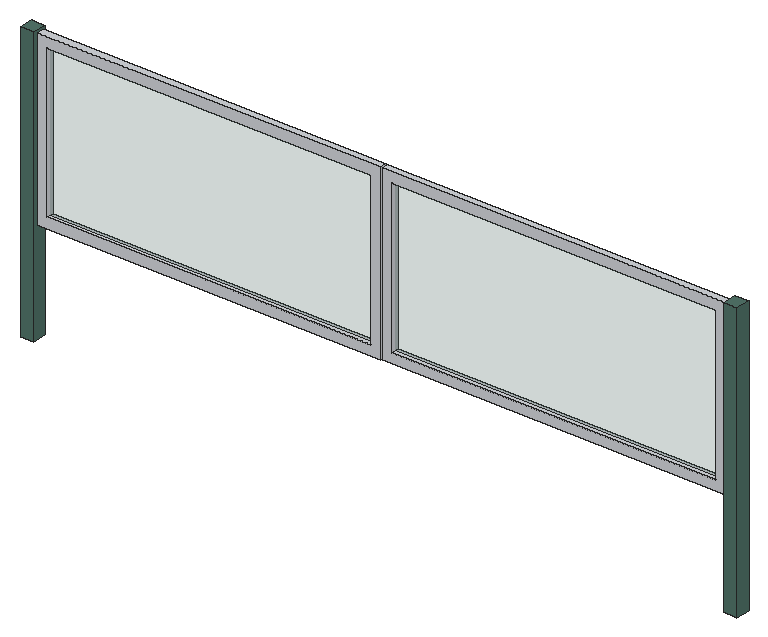
Revit family "Ворота распашные_PROM_UM_FENCE", category Специальное оборудование, Revit 2019
Family settings
  Размер круглого соединителя = Использовать диаметр
  Тип детали = Нормальный
  На основе рабочей плоскости = Нет
  Всегда вертикально = Да
  При загрузке вырезать с полостями = Нет
  Общий = Нет
  Точка расчета площади = Нет
Parameters (values of type "PROM-UM_Бетонирование в кондукторе")
  Ширина рамки = 60 mm
  Ширина открывания [instance] = Ширина / 2  # 2000 mm
  Ширина [instance] = 4000 mm
  Таблица = "UM_FENCE"  # constant formula
  Фланец под винтовую опору (SITgs) = no
  Фланец (SIT) = no
  Тип крепления = if([Бетонирование в кондукторе (SIC)], 1, if([Бетонирование столбы (SI)], 2, if([Фланец (SIT)], 3, if([Фланец под винтовую опору (SITgs)], 4, 0))))  # 1
  Сечение столба = 80 mm
  Материал_Столбы = FENSYS_Столб
  Материал_Сетка = FENSYS_Сетка_50x100
  Изготовитель = "FENSYS"  # constant formula
  Высота [instance] = 1100 mm
  Бетонирование столбы (SI) = no
  Бетонирование в кондукторе (SIC) = yes
  Глубина столба = if(or([Бетонирование в кондукторе (SIC)], [Бетонирование столбы (SI)]), 500 mm, 0 mm)  # 500 mm
  URL = "https://www.fensys.ru/produkciya/vorota_1.html"
  ADSK_Размер_Ширина [instance] = Ширина  # 4000 mm
  ADSK_Размер_Высота [instance] = Высота  # 1100 mm
  ADSK_Обозначение = "UM/SIC/FENCE"
  ADSK_Наименование [instance] = size_lookup(Таблица, "", "Не найдено", ADSK_Размер_Высота, ADSK_Размер_Ширина, Тип крепления)  # "Ворота распашные серии PROM-UM: HxW 1100x4000 (оси столбов 4100, профиль 100х100х4 мм), заполнение панель, столбы с регулируемыми петлями, на фланцах под усиленное бетонирование на армокаркасах"
  ADSK_Масса [instance] = size_lookup(Таблица, "ADSK_Масса", 0, ADSK_Размер_Высота, ADSK_Размер_Ширина, Тип крепления)  # 174
  ADSK_Комплект = "Ворота распашные"  # constant formula
  ADSK_Код изделия [instance] = size_lookup(Таблица, "ADSK_Код изделия", "Не найдено", ADSK_Размер_Высота, ADSK_Размер_Ширина, Тип крепления)  # "47040U"
  ADSK_Завод-изготовитель = Изготовитель  # "FENSYS"
  ADSK_Единица измерения = "шт."  # constant formula
Types (5, lengths in mm): name | Фланец под винтовую опору (SITgs) | Фланец (SIT) | Тип крепления | Бетонирование столбы (SI) | Бетонирование в кондукторе (SIC) | Глубина столба | ADSK_Обозначение | ADSK_Наименование | ADSK_Масса | ADSK_Код изделия
  (no name) | no | no | 1 | no | yes | 500 | "UM/SIC/FENCE" | "Ворота распашные серии PROM-UM: HxW 1100x4000 (оси столбов 4100, профиль 100х100х4 мм), заполнение панель, столбы с регулируемыми петлями, на фланцах под усиленное бетонирование на армокаркасах" | 174 | "47040U"
  PROM-UM_Под бетонирование | no | no | 2 | yes | no | 500 | "UM/SI/FENCE" | "Ворота распашные серии PROM-UM: HxW 1100x4000 (оси столбов 4100, профиль 100х100х4 мм), заполнение панель, столбы с регулируемыми петлями, под бетонирование" | 115 | "47000U"
  PROM-UM_Фланец | no | yes | 3 | no | no | 0 | "UM/SIT/FENCE" | "Ворота распашные серии PROM-UM: HxW 1100x4000 (оси столбов 4100, профиль 100х100х4 мм), заполнение панель, столбы с регулируемыми петлями, на фланцах под анкерное крепление на бетон" | 112 | "47020U"
  PROM-UM_Фланец под винтовую опору | yes | no | 4 | no | no | 0 | "UM/SITgs/FENCE" | "Ворота распашные серии PROM-UM: HxW 1100x4000 (оси столбов 4100, профиль 100х100х4 мм), заполнение панель, столбы с регулируемыми петлями, под крепление на винтовых опорах" | 80 | "47080U"
  PROM-UM_Бетонирование в кондукторе | no | no | 1 | no | yes | 500 | "UM/SIC/FENCE" | "Ворота распашные серии PROM-UM: HxW 1100x4000 (оси столбов 4100, профиль 100х100х4 мм), заполнение панель, столбы с регулируемыми петлями, на фланцах под усиленное бетонирование на армокаркасах" | 174 | "47040U"
Reference planes
  plane 1 "По центру (Вперед/Назад)": y = 0
  plane 2: z = 0
  plane 3 "По центру (Влево/Вправо)": x = 0
  plane 4: x = 4160
  plane 5: y = 40
  plane 6: y = -40
  plane 7: x = 80
  plane 8: x = 4080
  plane 9: z = 1100
  plane 10: z = 100
  plane 11: z = -500
  plane 12: y = 20
  plane 13: y = -20
  plane 14: y = 2
  plane 15: y = -2
  plane 16: z = 1040
  plane 17: z = 1110
  plane 18: y = 2
  plane 19: y = -2
  plane 20: x = 2080
Forms (mm)
  Extrusion 1, solid, material "FENSYS_Столб" <- "Материал_Столбы"
    sketch origin (0, 0, 0) x (1, 0, 0) y (0, 1, 0)
      loop
        line (0, 40) -> (0, -40) -> (80, -40) -> (80, 40) -> (0, 40)
      loop
        line (4080, 40) -> (4080, -40) -> (4160, -40) -> (4160, 40) -> (4080, 40)
    from -500 to 1110
  Extrusion 2, solid, material "FENSYS_Сетка_50x100" <- "Материал_Сетка"
    sketch origin (0, 0, 0) x (1, 0, 0) y (0, 1, 0)
      loop
        line (140, 2) -> (140, -2) -> (2020, -2) -> (2020, 2) -> (140, 2)
    from 160 to 1040
  Extrusion 3, solid
    sketch origin (0, 0, 0) x (1, 0, 0) y (0, 0, 1)
      loop
        line (80, 1100) -> (80, 100) -> (2075, 100) -> (2075, 1100) -> (80, 1100)
      loop
        line (4080, 100) -> (4080, 1100) -> (2085, 1100) -> (2085, 100) -> (4080, 100)
      loop
        line (140, 160) -> (2020, 160) -> (2020, 1040) -> (140, 1040) -> (140, 160)
      loop
        line (4020, 160) -> (4020, 1040) -> (2140, 1040) -> (2140, 160) -> (4020, 160)
    from -20 to 20
  Extrusion 4, solid, material "FENSYS_Сетка_50x100" <- "Материал_Сетка"
    sketch origin (1010, 0, 0) x (1, 0, 0) y (0, 1, 0)
      loop
        line (1130, 2) -> (1130, -2) -> (3010, -2) -> (3010, 2) -> (1130, 2)
    from 160 to 1040
Lines and regions (mm)
  Masking region 1, detail levels coarse
    outline origin (0, 0, 0) x (1, 0, 0) y (0, 1, 0)
      loop
        line (80, 20) -> (80, -20) -> (4080, -20) -> (4080, 20) -> (80, 20)
Dimensions and locks
  equal spacing: plane 6, plane 1 "По центру (Вперед/Назад)", plane 5
  "Сечение столба": plane 3 "По центру (Влево/Вправо)" to plane 7
  "Сечение столба": plane 8 to plane 4
  "ADSK_Размер_Высота": plane 9 to plane 2
  "Глубина столба": plane 2 to plane 11
  plane 10 to plane 2 = 100 mm
  plane 5 to plane 1 "По центру (Вперед/Назад)" = 40 mm
  equal spacing: plane 13, plane 1 "По центру (Вперед/Назад)", plane 12
  plane 1 "По центру (Вперед/Назад)" to plane 12 = 20 mm
  equal spacing: plane 15, plane 1 "По центру (Вперед/Назад)", plane 14
  locked: plane 1 "По центру (Вперед/Назад)" to plane 14 at 2
  "Ширина рамки": plane 9 to plane 16
  "ADSK_Размер_Ширина": plane 7 to plane 8
  locked: plane 17 to plane 9 at 10
  plane 19 to plane 18 = 4 mm
  Extrusion 1 to Extrusion 1 = 4160 mm
  "Сечение столба": plane 5 to plane 6
  equal spacing: plane 8, plane 20, plane 7
  aligned and locked: level to plane 2
  aligned and locked: Extrusion 1 sketch curve to plane 5
  aligned and locked: plane 5 to Extrusion 1 sketch curve
  aligned and locked: plane 6 to Extrusion 1 sketch curve
  aligned and locked: Extrusion 1 sketch curve to plane 6
  aligned and locked: Extrusion 1 sketch curve to plane 4
  aligned and locked: plane 8 to Extrusion 1 sketch curve
  aligned and locked: Extrusion 1 sketch curve to plane 7
  aligned and locked: plane 3 "По центру (Влево/Вправо)" to Extrusion 1 sketch curve
  aligned and locked: Extrusion 1 to plane 11
  aligned and locked: Extrusion 2 sketch curve to plane 14
  aligned and locked: Extrusion 2 sketch curve to plane 15
  aligned and locked: plane 16 to Extrusion 2
  aligned and locked: plane 8 to nested 1
  aligned and locked: nested 1 to plane 1 "По центру (Вперед/Назад)"
  aligned and locked: plane 1 "По центру (Вперед/Назад)" to nested 2
  aligned and locked: plane 7 to nested 2
  aligned and locked: Masking region 1 sketch curve to plane 12
  aligned and locked: Masking region 1 sketch curve to plane 13
  aligned and locked: plane 7 to Masking region 1 sketch curve
  aligned and locked: Masking region 1 sketch curve to plane 8
  aligned and locked: Extrusion 1 to plane 17
  aligned and locked: Extrusion 3 to plane 13
  aligned and locked: Extrusion 3 to plane 12
  aligned and locked: Extrusion 2 to Extrusion 3  (x2)
  aligned and locked: Extrusion 3 to plane 16  (x2)
  aligned and locked: Extrusion 3 to Extrusion 2
  aligned and locked: plane 18 to Extrusion 4 sketch curve
  aligned and locked: Extrusion 4 sketch curve to plane 19
  aligned and locked: Extrusion 4 to Extrusion 3  (x4)
  aligned and locked: Extrusion 1 to plane 5
  aligned and locked: plane 6 to Extrusion 1
Automatic sketch dimensions
  plane 7 to Extrusion 2 sketch curve = 60 mm
  Extrusion 2 sketch curve to Extrusion 2 sketch curve = 1880 mm
  plane 7 to Extrusion 4 sketch curve = 2060 mm
  Extrusion 4 sketch curve to plane 8 = 60 mm
  Extrusion 3 sketch curve to plane 7 = 0 mm
  Extrusion 3 sketch curve to plane 16 = 0 mm  (x2)
  Extrusion 3 sketch curve to plane 10 = 0 mm  (x3)
  Extrusion 3 sketch curve to plane 9 = 0 mm  (x2)
  Extrusion 3 sketch curve to plane 8 = 0 mm
  plane 7 to Extrusion 3 sketch curve = 60 mm
  Extrusion 3 sketch curve to plane 20 = 5 mm
  Extrusion 3 sketch curve to plane 8 = 60 mm
  plane 10 to Extrusion 3 sketch curve = 60 mm  (x2)
  plane 20 to Extrusion 3 sketch curve = 5 mm
  plane 20 to Extrusion 3 sketch curve = 60 mm
  Extrusion 3 sketch curve to plane 20 = 60 mm
Nested families
  nested 1: "Открываение_Обозначение" at (4080, 0, 0) x (-1, 0, 0) z (0, 0, 1), Ширина <- "Ширина открывания", type "Открываение_Обозначение", detail levels coarse
    with Ширина 2000 mm
  nested 2: "Открываение_Обозначение" at (80, 0, 0), Ширина <- "Ширина открывания", type "Открываение_Обозначение", detail levels coarse
    with Ширина 2000 mm
Definition of nested family "Открываение_Обозначение"
  Parameters (values of type "Открываение_Обозначение")
    Ширина [instance] = 900 mm
  Reference planes
    plane 1 "По центру (Вперед/Назад)": y = 0
    plane 2: z = 0
    plane 3 "По центру (Влево/Вправо)": x = 0
    plane 4: x = 900
  Lines and regions (mm)
    detail lines, in view "Опорный уровень"
      curve 1: line (0, 0, 0) -> (779.423, 450, 0)
  Dimensions and locks
    "Ширина": plane 3 "По центру (Влево/Вправо)" to plane 4
    "Ширина": curve 1 to curve 1
    locked: plane 1 "По центру (Вперед/Назад)" to curve 1 (angle 30.00°)
    aligned and locked: plane 3 "По центру (Влево/Вправо)" to curve 1
    aligned and locked: plane 1 "По центру (Вперед/Назад)" to curve 1
